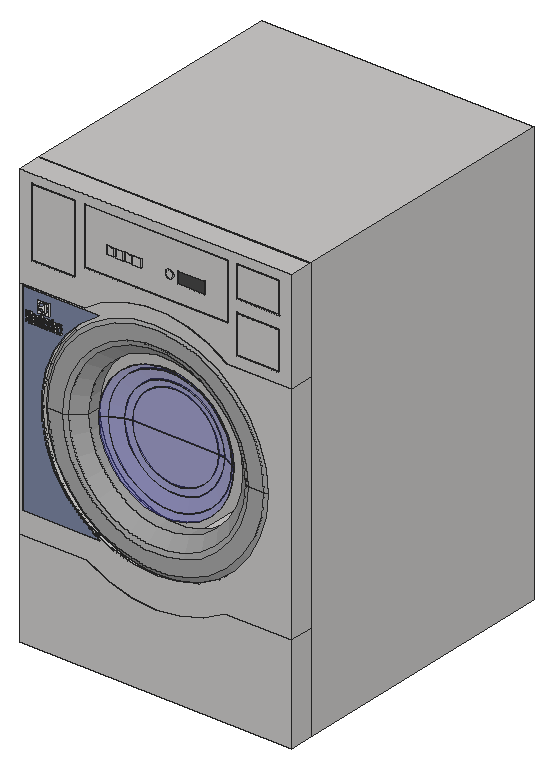
Revit family "QF_ELECTROLUXPROFESSIONAL_1LSNA3_TE1220E_E", category Attrezzature speciali, Revit 2021 (continued)
Automatic sketch dimensions
  Extrusion 27 sketch curve to Extrusion 27 sketch curve = 3.438 mm
  Extrusion 27 sketch curve to Extrusion 27 sketch curve = 2.355 mm
  Extrusion 27 sketch curve to Extrusion 27 sketch curve = 4.027 mm  (x2)
  Extrusion 27 sketch curve to Extrusion 27 sketch curve = 4.94 mm
  Extrusion 27 sketch curve to Extrusion 27 sketch curve = 1.15 mm
  Extrusion 27 sketch curve to Extrusion 27 sketch curve = 6.313 mm
  Extrusion 27 sketch curve to Extrusion 27 sketch curve = 1.822 mm  (x2)
  Extrusion 27 sketch curve to Extrusion 27 sketch curve = 12.073 mm
  Extrusion 27 sketch curve to Extrusion 27 sketch curve = 0.602 mm
  Extrusion 27 sketch curve to Extrusion 27 sketch curve = 0.128 mm
  Extrusion 27 sketch curve to Extrusion 27 sketch curve = 0.043 mm
  Extrusion 27 sketch curve to Extrusion 27 sketch curve = 1.459 mm
  Extrusion 27 sketch curve to Extrusion 27 sketch curve = 2.044 mm
  Extrusion 27 sketch curve to Extrusion 27 sketch curve = 0.323 mm
  Extrusion 27 sketch curve to Extrusion 27 sketch curve = 1.43 mm
  Extrusion 27 sketch curve to Extrusion 27 sketch curve = 2.692 mm  (x2)
  Extrusion 27 sketch curve to Extrusion 27 sketch curve = 7.068 mm
  Extrusion 27 sketch curve to Extrusion 27 sketch curve = 1.934 mm
  Extrusion 27 sketch curve to Extrusion 27 sketch curve = 1.058 mm
  Extrusion 27 sketch curve to Extrusion 27 sketch curve = 1.034 mm  (x4)
  Extrusion 27 sketch curve to Extrusion 27 sketch curve = 1.157 mm
  Extrusion 27 sketch curve to Extrusion 27 sketch curve = 0.881 mm
  Extrusion 27 sketch curve to Extrusion 27 sketch curve = 1.111 mm
  Extrusion 27 sketch curve to Extrusion 27 sketch curve = 0.49 mm
  Extrusion 27 sketch curve to Extrusion 27 sketch curve = 0.464 mm
  Extrusion 27 sketch curve to Extrusion 27 sketch curve = 1.509 mm
  Extrusion 27 sketch curve to Extrusion 27 sketch curve = 0.932 mm
  Extrusion 27 sketch curve to Extrusion 27 sketch curve = 1.11 mm
  Extrusion 27 sketch curve to Extrusion 27 sketch curve = 2.524 mm
  Extrusion 27 sketch curve to Extrusion 27 sketch curve = 1.044 mm
  Extrusion 27 sketch curve to Extrusion 27 sketch curve = 1.005 mm  (x2)
  Extrusion 27 sketch curve to Extrusion 27 sketch curve = 2.261 mm
  Extrusion 27 sketch curve to Extrusion 27 sketch curve = 0.039 mm
  Extrusion 27 sketch curve to Extrusion 27 sketch curve = 2.525 mm
  Extrusion 27 sketch curve to Extrusion 27 sketch curve = 1.915 mm
  Extrusion 27 sketch curve to Extrusion 27 sketch curve = 1.54 mm
  Extrusion 27 sketch curve to Extrusion 27 sketch curve = 6.935 mm
  Extrusion 27 sketch curve to Extrusion 27 sketch curve = 6.556 mm
  Extrusion 27 sketch curve to Extrusion 27 sketch curve = 5.536 mm
  Extrusion 27 sketch curve to Extrusion 27 sketch curve = 0.436 mm  (x2)
  Extrusion 27 sketch curve to Extrusion 27 sketch curve = 1.551 mm  (x2)
  Extrusion 27 sketch curve to Extrusion 27 sketch curve = 0.211 mm  (x2)
  Extrusion 27 sketch curve to Extrusion 27 sketch curve = 0.238 mm  (x2)
  Extrusion 27 sketch curve to Extrusion 27 sketch curve = 0.121 mm  (x2)
  Extrusion 27 sketch curve to Extrusion 27 sketch curve = 0.369 mm  (x2)
  Extrusion 27 sketch curve to Extrusion 27 sketch curve = 0.007 mm  (x2)
  Extrusion 27 sketch curve to Extrusion 27 sketch curve = 0.094 mm  (x2)
  Extrusion 27 sketch curve to Extrusion 27 sketch curve = 0.139 mm  (x2)
  Extrusion 27 sketch curve to Extrusion 27 sketch curve = 0.17 mm  (x2)
  Extrusion 27 sketch curve to Extrusion 27 sketch curve = 0.08 mm  (x2)
  Extrusion 27 sketch curve to Extrusion 27 sketch curve = 0.095 mm  (x2)
  Extrusion 27 sketch curve to Extrusion 27 sketch curve = 10.261 mm
  Extrusion 27 sketch curve to Extrusion 27 sketch curve = 0.432 mm  (x2)
  Extrusion 27 sketch curve to Extrusion 27 sketch curve = 2.837 mm
  Extrusion 27 sketch curve to Extrusion 27 sketch curve = 1.28 mm  (x2)
  Extrusion 27 sketch curve to Extrusion 27 sketch curve = 0.897 mm  (x2)
  Extrusion 27 sketch curve to Extrusion 27 sketch curve = 2.483 mm
  Extrusion 27 sketch curve to Extrusion 27 sketch curve = 1.403 mm
  Extrusion 27 sketch curve to Extrusion 27 sketch curve = 2.3 mm
  Extrusion 27 sketch curve to Extrusion 27 sketch curve = 0.278 mm
  Extrusion 27 sketch curve to Extrusion 27 sketch curve = 0.055 mm
  Extrusion 27 sketch curve to Extrusion 27 sketch curve = 2.277 mm
  Extrusion 27 sketch curve to Extrusion 27 sketch curve = 2.5 mm
  Extrusion 27 sketch curve to Extrusion 27 sketch curve = 4.162 mm
  Extrusion 27 sketch curve to Extrusion 27 sketch curve = 3.972 mm
  Extrusion 27 sketch curve to Extrusion 27 sketch curve = 0.049 mm
  Extrusion 27 sketch curve to Extrusion 27 sketch curve = 0.188 mm
  Extrusion 27 sketch curve to Extrusion 27 sketch curve = 1.466 mm
  Extrusion 27 sketch curve to Extrusion 27 sketch curve = 0.158 mm
  Extrusion 27 sketch curve to Extrusion 27 sketch curve = 0.575 mm
  Extrusion 27 sketch curve to Extrusion 27 sketch curve = 4.547 mm
  Extrusion 27 sketch curve to Extrusion 27 sketch curve = 4.265 mm
  Extrusion 27 sketch curve to Extrusion 27 sketch curve = 0.181 mm
  Extrusion 27 sketch curve to Extrusion 27 sketch curve = 0.042 mm  (x4)
  Extrusion 27 sketch curve to Extrusion 27 sketch curve = 2.073 mm
  Extrusion 27 sketch curve to Extrusion 27 sketch curve = 2.557 mm
  Extrusion 27 sketch curve to Extrusion 27 sketch curve = 6.418 mm
  Extrusion 27 sketch curve to Extrusion 27 sketch curve = 2.6 mm
  Extrusion 27 sketch curve to Extrusion 27 sketch curve = 0.063 mm
  Extrusion 27 sketch curve to Extrusion 27 sketch curve = 1.604 mm
  Extrusion 27 sketch curve to Extrusion 27 sketch curve = 4.107 mm
  Extrusion 27 sketch curve to Extrusion 27 sketch curve = 1.173 mm
  Extrusion 27 sketch curve to Extrusion 27 sketch curve = 0.701 mm
  Extrusion 27 sketch curve to Extrusion 27 sketch curve = 0.021 mm
  Extrusion 27 sketch curve to Extrusion 27 sketch curve = 1.778 mm
  Extrusion 27 sketch curve to Extrusion 27 sketch curve = 1.952 mm
  Extrusion 27 sketch curve to Extrusion 27 sketch curve = 2.342 mm
  Extrusion 27 sketch curve to Extrusion 27 sketch curve = 0.848 mm
  Extrusion 27 sketch curve to Extrusion 27 sketch curve = 1.004 mm
  Extrusion 27 sketch curve to Extrusion 27 sketch curve = 0.983 mm
  Extrusion 27 sketch curve to Extrusion 27 sketch curve = 2.068 mm
  Extrusion 27 sketch curve to Extrusion 27 sketch curve = 5.916 mm
  Extrusion 27 sketch curve to Extrusion 27 sketch curve = 0.904 mm
  Extrusion 27 sketch curve to Extrusion 27 sketch curve = 0.862 mm
  Extrusion 27 sketch curve to Extrusion 27 sketch curve = 2.504 mm
  Extrusion 27 sketch curve to Extrusion 27 sketch curve = 1.033 mm
  Extrusion 27 sketch curve to Extrusion 27 sketch curve = 1.176 mm  (x2)
  Extrusion 27 sketch curve to Extrusion 27 sketch curve = 0.974 mm  (x2)
  Extrusion 27 sketch curve to Extrusion 27 sketch curve = 0.113 mm  (x2)
  Extrusion 27 sketch curve to Extrusion 27 sketch curve = 0.347 mm  (x2)
  Extrusion 27 sketch curve to Extrusion 27 sketch curve = 0.294 mm  (x2)
  Extrusion 27 sketch curve to Extrusion 27 sketch curve = 0.31 mm  (x2)
  Extrusion 27 sketch curve to Extrusion 27 sketch curve = 0.81 mm  (x2)
  plane 4 "LEFT" to Extrusion 28 sketch curve = 6 mm
  level to Extrusion 28 sketch curve = 580 mm
  Extrusion 28 sketch curve to plane 3 "Center (Left/Right)" = 142.004 mm  (x2)
  Extrusion 28 sketch curve to plane 9 "TOP" = 264 mm
  Extrusion 28 sketch curve to plane 3 "Center (Left/Right)" = 0 mm
  Extrusion 29 sketch curve to plane 3 "Center (Left/Right)" = 0 mm
  Extrusion 29 sketch curve to plane 9 "TOP" = 518 mm
  Extrusion 29 sketch curve to plane 9 "TOP" = 264 mm
  Extrusion 29 sketch curve to plane 3 "Center (Left/Right)" = 142.004 mm  (x2)
  plane 4 "LEFT" to Extrusion 29 sketch curve = 6 mm
  radius of Extrusion 2 sketch curve = 242.757 mm
  radius of Extrusion 6 sketch curve = 20 mm
  radius of Extrusion 7 sketch curve = 11 mm
  radius of Extrusion 8 sketch curve = 20 mm
  radius of Extrusion 9 sketch curve = 11 mm
  radius of Revolve 10 sketch curve = 285 mm
  radius of Extrusion 11 sketch curve = 20 mm
  radius of Extrusion 12 sketch curve = 11 mm
  radius of Extrusion 13 sketch curve = 20 mm
  radius of Extrusion 14 sketch curve = 11 mm
  radius of Extrusion 17 sketch curve = 285 mm
  radius of Extrusion 19 sketch curve = 10 mm
  radius of Extrusion 21 sketch curve = 10 mm
  radius of Extrusion 23 sketch curve = 51 mm
  radius of Extrusion 26 sketch curve = 5 mm
  radius of Extrusion 27 sketch curve = 2.611 mm  (x2)
  radius of Extrusion 27 sketch curve = 1.657 mm
  radius of Extrusion 27 sketch curve = 1.564 mm
Connectors
  electrical at (-209.295, 411, 810)
    settings: on Extrusion 26, index 6, voltage 0 V, apparent load 0 VA, apparent load phase1 0 VA, apparent load phase2 0 VA, apparent load phase3 0 VA, power factor 1, load classification "Other", number of poles 1, system type 30, power factor state 1, is connector primary yes, connector utility no, sub classification motor no, connector description "Electrical Connection"
  hvac at (27.1, 360.57, 84.8)
    settings: on Extrusion 23, index 7, duct flow 0.0 L/s, flow factor 0, pres drop 0.0 Pa, loss coef 0, conn angle 0.00°, conn width 304.8 mm, conn height 304.8 mm, conn diameter 102 mm, duct sys type 2, conn prof type 0, flow config 1, flow direction 2, loss method 0, conn ref index -1, conn util no, is conn primary yes, conn desc "Air connection"
Types (4, lengths in mm): name | Item Number | Descrizione | Cycle | Corrente
  (no name) | "1L0GM9" | "TE1220E 230V/50 CN E4,8KW ELX" | 50 Hz | "22.7"
  988690053 | "1L0GJX" | "myPRO XL SMART PROFESSIONAL TUMBLE DRYER TE1220E 12KG EL 4,8KW VENTED 220-240/50/1N 5KW SYMBOLS SST/DARK BLUE" | 50 Hz | "227.0"
  988690055 | "1L0H21" | "myPRO XL SMART PROFESSIONAL TUMBLE DRYER TE1220E EL 4,8KW VENTED 208-240/60/1 4,8 kW SYMBOLS SST/DARK BLUE" | 60 Hz | "24.0"
  988690057 | "1L0GM9" | "TE1220E 230V/50 CN E4,8KW ELX" | 50 Hz | "22.7"
